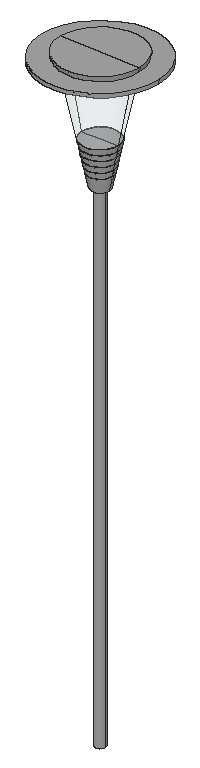
Revit family "Ray 680D-I LED", category Lighting Fixtures, Revit 2014
Parameters (values of type "Ray 680 D/I LED")
  Wattage = 40 W
  WarrantyGuarantorParts = "n/a"
  WarrantyDurationParts = "n/a"
  WarrantyDescription = "n/a"
  built-in parameter 1150110 = 1 (stored number, unit not read)
  Version = "v.1.0"
  Uniclass2 = "Pr_70_70_49_43 Light-Emitting Diode (LED) Luminaires"
  Uniclass 1.4 = "JY73"
  URL = "http://riegens.com/ray-680-di-led-0"
  TotalWattage = "Max. 28W / 41W"
  built-in parameter 1114217 = 1 (stored number, unit not read)
  Tilt Angle = 90.00°
  built-in parameter 1150109 = 1 (stored number, unit not read)
  built-in parameter 1150134 = (empty or 0)
  TagNumber = "n/a"
  SustainabilityPerformance = "n/a"
  built-in parameter 1150113 = 1 (stored number, unit not read)
  SupplyCircuitConductorConnections = "n/a"
  Size = "Ø680 mm"
  Shape = "Circle"
  ProductInformation = "http://riegens.com/ray-680-di-led-0"
  PhotometricPerformance = "In accordance with BS EN 13032-1"
  Photometric Web File = "RAY 680 DI 40W 3000K Clear Opal LED ClassII.ies"
  PhaseReference = "IEC recommendations"
  Optic = "Clear front and opal centre diffuser"
  Offset from floor = 2900 mm
  NominalVoltage = "220-240V"
  ModelReference = "Ray 680 D/I LED"
  Model = "Ray 680 D/I LED"
  Material = "Aluminium and PC"
  ManufacturersSpecificInformation = "n/a"
  ManufacturerURL = "www.riegens.com"
  Manufacturer = "Riegens A/S"
  Lumens = 2960 lm
  LuminaireType = "Outdoor Direct/Indirect LED Luminaire"
  LuminairePowerFactor = ">0,9"
  built-in parameter 1150115 = 1 (stored number, unit not read)
  built-in parameter 1150105 = 235.55 (stored number, unit not read)
  LightSource = "LED 3000K"
  LightFixturePlacingType = "Pole / Wall"
  LightFixtureMountingType = "Pole_top / Wall"
  built-in parameter 1150137 = (empty or 0)
  built-in parameter 1150139 = (empty or 0)
  LampType = "LED"
  LampRating = "28W / 40W"
  LampColourRenderingIndex = "Ra>80"
  built-in parameter 1150112 = 1 (stored number, unit not read)
  built-in parameter 1150114 = 1 (stored number, unit not read)
  InternalFuse = "Only required in emergency versions"
  InsulationStandardClass = "Class 1 / Class 2"
  built-in parameter 1150132 = (empty or 0)
  built-in parameter 1150102 = (empty or 0)
  built-in parameter 1150138 = (empty or 0)
  built-in parameter 1150107 = 3000 (stored number, unit not read)
  built-in parameter 1150106 = 2.3555 (stored number, unit not read)
  IfcExportType = "NOTDEFINED'"
  IfcExportAs = "IfcLightFixtureType'"
  IP_Code = "IP65"
  Height 1 = 703 mm
  HasProtectiveEarth = "TRUE"
  Grade = "n/a"
  Frame = Riegens_Aluminum_powder coated grey
  Finish = "Powder coated"
  Features = "n/a"
  built-in parameter 1150104 = 6.8748 (stored number, unit not read)
  Documentation = "See URL hyperlink"
  DocumentReference = "See URL hyperlink"
  Dimming Lamp Color Temperature Shift = <None>
  Diameter 2 = 108 mm
  Diameter 1 = 680 mm
  Description = "70-80-35 General Lighting Systems"
  ControlGearPosition = "Integrated "
  Constituents = "n/a"
  Colour = "Grey"
  Color Filter = 16777215
  CodePerformance = "n/a"
  CCSTopnode = "L"
  CCSClassName = "Belysningsarmatur"
  CCSClassCode = "UAC"
  BarCode = "n/a"
  BallastsCELMAEnergyEfficiencyIndex = "Class A1/A2"
  built-in parameter 1114218 = 1 (stored number, unit not read)
  BSAB 96 = "SNB.2"
  BIMObjectName = "Ray 680 D/I LED.rfa"
  Author = "3dbyggeri"
  built-in parameter 1150133 = 10 (stored number, unit not read)
  AssetType = "Moveable/Fixed"
  AssetIdentifier = "n/a"
  ArticleNumber = "See URL hyperlink"
  Apparent Load = 240 VA
  AccessibilityPerformance = "n/a"
Reference planes
  plane 1 "Light Source Axis (F/B)": y = 0
  plane 2: z = 0
  plane 3 "Light Source Axis (L/R)": x = 0
  plane 4 "Light Source Elevation": z = 3241.152
  plane 5 "UK": z = 2900
  plane 6: z = 3151
  plane 7: z = 3555.9
  plane 8: z = 3576
  plane 9: z = 3603
  plane 10: x = 54
  plane 11: x = -54
  plane 12: x = 340
  plane 13: x = -340
Forms (mm)
  Revolve 1, solid, material "Riegens_Aluminum_powder coated grey" <- "Frame"
    sketch origin (0, 0, 0) x (1, 0, 0) y (0, 0, 1)
      loop
        line (0, 2900) -> (53.362, 2900) -> (69.942, 2978) -> (67.942, 2978) -> (67.942, 2983) -> (71.005, 2983) -> (77.381, 3013) -> (75.381, 3013) -> (75.381, 3018) -> (78.444, 3018) -> (84.821, 3048) -> (82.821, 3048) -> (82.821, 3053) -> (85.883, 3053) -> (92.26, 3083) -> (90.26, 3083) -> (90.26, 3088) -> (93.323, 3088) -> (99.062, 3116) -> (97.7, 3116) -> (97.7, 3121) -> (100.125, 3121) -> (106.501, 3151) -> (0, 3151) -> (0, 2900)
      axis (0, 3151) -> (0, 2900)
    angle from 0 to 360
  Extrusion 2, solid, material "Riegens_Aluminum_powder coated grey" <- "Frame"
    sketch origin (0, 0, 0) x (1, 0, 0) y (0, 1, 0)
      loop
        circle (0, 0) r 340
    from 3555.9 to 3576
  Revolve 3, solid, material "Riegens_Aluminum_powder coated grey" <- "Frame"
    sketch origin (0, 0, 0) x (1, 0, 0) y (0, 0, 1)
      loop
        line (0, 3603) -> (0, 3576) -> (225.026, 3576) -> (231.403, 3603) -> (0, 3603)
      axis (0, 3603) -> (0, 3576)
    angle from 0 to 360
  Revolve 4, solid, material "Riegens_Glass_opal"
    sketch origin (0, 0, 0) x (1, 0, 0) y (0, 0, 1)
      loop
        line (0, 3555.9) -> (0, 3151) -> (106.978, 3151) -> (193.385, 3555.9) -> (0, 3555.9)
      axis (0, 3151) -> (0, 3555.9)
    angle from 0 to 360
Dimensions and locks
  equal spacing: plane 10, plane 3 "Light Source Axis (L/R)", plane 11
  "Diameter 2": plane 10 to plane 11
  "Diameter 1": plane 12 to plane 13
  equal spacing: plane 12, plane 3 "Light Source Axis (L/R)", plane 13
  locked: plane 9 to plane 8 at 27
  locked: plane 8 to plane 7 at 20.1
  "Height 1": plane 9 to plane 5 "UK"
  locked: plane 9 to plane 4 "Light Source Elevation" at 361.848
  locked: plane 9 to plane 6 at 452
  "Offset from floor": plane 5 "UK" to plane 2
  aligned and locked: plane 3 "Light Source Axis (L/R)" to imposter light
  aligned and locked: imposter light to plane 1 "Light Source Axis (F/B)"
  aligned and locked: plane 4 "Light Source Elevation" to imposter light
  aligned and locked: level to plane 2
  aligned and locked: Revolve 1 sketch curve to plane 5 "UK"
  aligned and locked: plane 3 "Light Source Axis (L/R)" to Revolve 1 sketch curve
  aligned and locked: plane 6 to Revolve 1 sketch curve
  aligned and locked: Extrusion 2 to plane 8
  aligned and locked: plane 7 to Extrusion 2
  aligned and locked: Revolve 3 sketch curve to plane 9
  aligned and locked: Revolve 3 sketch curve to Extrusion 2
  aligned and locked: Revolve 4 sketch curve to plane 6
  aligned and locked: plane 7 to Revolve 4 sketch curve
  aligned and locked: plane 3 "Light Source Axis (L/R)" to Revolve 4 sketch curve
Automatic sketch dimensions
  Revolve 1 sketch curve to plane 3 "Light Source Axis (L/R)" = 0 mm
  plane 10 to Revolve 1 sketch curve = 13.942 mm
  Revolve 1 sketch curve to Revolve 1 sketch curve = 2 mm  (x4)
  Revolve 1 sketch curve to Revolve 1 sketch curve = 3.063 mm  (x4)
  plane 10 to Revolve 1 sketch curve = 21.381 mm
  plane 10 to Revolve 1 sketch curve = 28.821 mm
  Revolve 1 sketch curve to Revolve 1 sketch curve = 4.377 mm  (x2)
  plane 6 to Revolve 1 sketch curve = 35 mm
  plane 6 to Revolve 1 sketch curve = 30 mm
  plane 5 "UK" to Revolve 1 sketch curve = 200 mm
  Revolve 1 sketch curve to plane 9 = 80 mm
  plane 1 "Light Source Axis (F/B)" to Extrusion 2 sketch curve = 0 mm
  Extrusion 2 sketch curve to plane 3 "Light Source Axis (L/R)" = 0 mm
  Revolve 3 sketch curve to plane 3 "Light Source Axis (L/R)" = 0 mm  (x2)
  Revolve 3 sketch curve to plane 12 = 114.974 mm
  Revolve 3 sketch curve to Revolve 3 sketch curve = 6.377 mm
  plane 7 to Revolve 3 sketch curve = 58.185 mm
  Revolve 3 sketch curve to Revolve 3 sketch curve = 131.715 mm
  Revolve 1 sketch curve to plane 10 = 0.638 mm
  Revolve 1 sketch curve to Revolve 1 sketch curve = 1.362 mm
  Revolve 1 sketch curve to Revolve 1 sketch curve = 2.425 mm
  Revolve 1 sketch curve to Revolve 1 sketch curve = 6.377 mm
  Revolve 1 sketch curve to plane 5 "UK" = 78 mm
  Revolve 1 sketch curve to Revolve 1 sketch curve = 5 mm  (x4)
  Revolve 1 sketch curve to Revolve 1 sketch curve = 30 mm  (x3)
  Revolve 4 sketch curve to plane 3 "Light Source Axis (L/R)" = 0 mm
  plane 10 to Revolve 4 sketch curve = 52.978 mm
  plane 10 to Revolve 4 sketch curve = 139.385 mm
  plane 5 "UK" to Revolve 4 sketch curve = 180 mm
  Revolve 4 sketch curve to plane 9 = 538 mm
  radius of Extrusion 2 sketch curve = 340 mm
Nested families
  nested 1: "Mast" at (0, 0, 0), type "Mast"
Connectors
  electrical at (0, 0, 2900)
    settings: index 1, voltage 0 V, apparent load 0 VA, apparent load phase1 0 VA, apparent load phase2 0 VA, apparent load phase3 0 VA, power factor 1, load classification "Other", number of poles 1, system type 31, power factor state 1, is connector primary yes, connector utility no, sub classification motor no, connector description ""
Definition of nested family "Mast"
  Parameters (values of type "Mast")
    Offset from floor = 2900 mm
    Frame = Riegens_Aluminum_powder coated grey
    Diameter 1 = 60 mm
  Reference planes
    plane 1 "Center (Front/Back)": y = 0
    plane 2: z = 0
    plane 3 "Center (Left/Right)": x = 0
    plane 4: y = 60
    plane 5: y = -60
    plane 6: x = -60
    plane 7: x = 60
  Forms (mm)
    Extrusion 1, solid, material "Riegens_Aluminum_powder coated grey"
      sketch origin (0.006, 0.002, 0) x (1, 0, 0) y (0, 1, 0)
        loop
          circle (0, 0) r 30
      from 0 to 2900
  Dimensions and locks
    "Offset from floor": Extrusion 1 to level
    "Diameter 1": diameter of Extrusion 1
    aligned and locked: level to plane 2
    aligned and locked: Extrusion 1 to level
